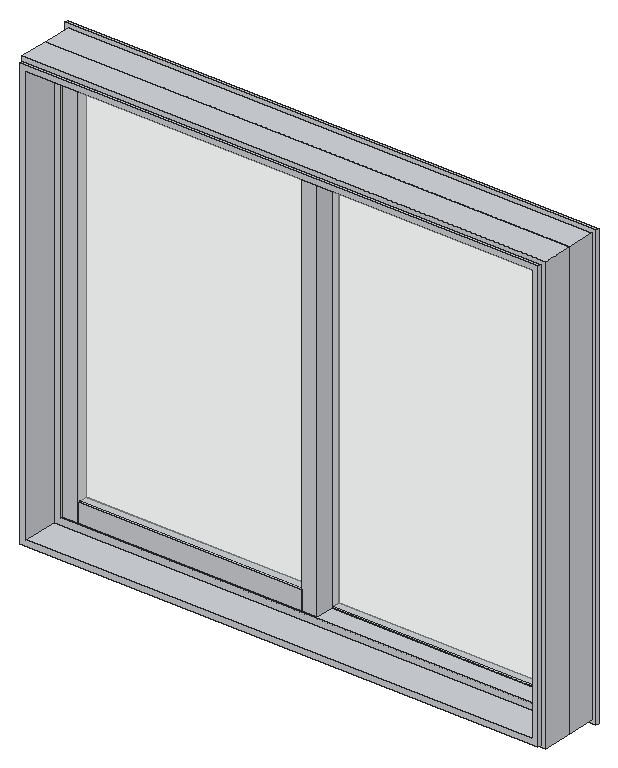
Revit family "APL Residential Thermal Heart Sliding Window SF", category Windows, host Wall, Revit 2017 (continued)
Definition of nested family "APL Residential Thermal Heart Sliding Window SF Horizontal Section"
  Definition of nested family "Interlocker"
    Definition of nested family "65420_Interlocker Mullion"
      Lines and regions (mm)
        model lines, in view "Ref. Level"
          curve 157: line (-28.1, 16.645, 0) -> (-28.1, 15.722, 0)
          curve 158: line (-27.939, 15.121, 0) -> (-27.054, 13.593, 0)
          curve 159: line (-27, 13.393, 0) -> (-27, 13.1, 0)
          curve 160: line (-27.4, 12.7, 0) -> (-30.8, 12.7, 0)
          curve 161: line (-31.2, 13.1, 0) -> (-31.2, 13.393, 0)
          curve 162: line (-31.146, 13.593, 0) -> (-30.261, 15.121, 0)
          curve 163: line (-30.297, 16.016, 0) -> (-32.737, 16.904, 0)
          curve 164: line (-33, 17.28, 0) -> (-33, 22.92, 0)
          curve 165: line (-32.737, 23.296, 0) -> (-30.297, 24.184, 0)
          curve 166: line (-30.261, 25.079, 0) -> (-31.146, 26.607, 0)
          curve 167: line (-31.2, 26.807, 0) -> (-31.2, 27.1, 0)
          curve 168: line (-30.8, 27.5, 0) -> (-27.4, 27.5, 0)
          curve 169: arc (-21.001, 10.8, 0) -> (-21.707, 10.507, 0) -> (-22, 9.8, 0) r 1
          curve 170: arc (-22, 3.501, 0) -> (-21.707, 2.793, 0) -> (-21, 2.5, 0) r 1
          curve 171: arc (-2.8, 2.5, 0) -> (-2.093, 2.793, 0) -> (-1.8, 3.5, 0) r 1
          curve 172: arc (-1.8, 9.8, 0) -> (-2.093, 10.507, 0) -> (-2.8, 10.8, 0) r 1
          curve 173: arc (-2.656, 30.548, 0) -> (-2.153, 30.553, 0) -> (-1.9, 30.119, 0) r 0.5
          curve 174: arc (-1.9, 13.7, 0) -> (-2.193, 12.993, 0) -> (-2.9, 12.7, 0) r 1
          curve 175: arc (-24.1, 12.7, 0) -> (-24.454, 12.846, 0) -> (-24.6, 13.2, 0) r 0.5
          curve 176: arc (-24.6, 14.698, 0) -> (-24.746, 15.053, 0) -> (-25.1, 15.2, 0) r 0.5
          curve 177: arc (-27.449, 15.2, 0) -> (-27.668, 15.073, 0) -> (-27.663, 14.82, 0) r 0.25
          curve 178: arc (-27.611, 14.734, 0) -> (-27.479, 14.628, 0) -> (-27.309, 14.631, 0) r 0.25
          curve 179: arc (-26.544, 13.377, 0) -> (-26.511, 13.302, 0) -> (-26.5, 13.221, 0) r 0.3
          curve 180: arc (-26.5, 12.7, 0) -> (-26.578, 12.542, 0) -> (-26.75, 12.506, 0) r 0.2
          curve 181: arc (-30.753, 12.7, 0) -> (-30.875, 12.674, 0) -> (-30.976, 12.6, 0) r 0.3
          curve 182: arc (-30.976, 12.6, 0) -> (-31.307, 12.52, 0) -> (-31.5, 12.8, 0) r 0.3
          curve 183: arc (-30.957, 15.021, 0) -> (-30.905, 15.11, 0) -> (-30.816, 15.162, 0) r 0.2
          curve 184: arc (-30.648, 15.207, 0) -> (-30.507, 15.348, 0) -> (-30.559, 15.541, 0) r 0.2
          curve 185: arc (-30.922, 15.905, 0) -> (-31.008, 15.965, 0) -> (-31.108, 15.992, 0) r 0.3
          curve 186: arc (-33.474, 16.199, 0) -> (-33.738, 16.083, 0) -> (-33.782, 15.797, 0) r 0.3
          curve 187: arc (-33.268, 14.387, 0) -> (-33.181, 14.261, 0) -> (-33.043, 14.195, 0) r 0.3
          curve 188: arc (-33.043, 14.195, 0) -> (-32.801, 13.922, 0) -> (-33, 13.617, 0) r 0.3
          curve 189: arc (-33, 9.5, 0) -> (-32.941, 9.359, 0) -> (-32.8, 9.3, 0) r 0.2
          curve 190: arc (-32.5, 9.3, 0) -> (-32.2, 9.38, 0) -> (-31.98, 9.6, 0) r 0.6
          curve 191: arc (-31.345, 10.7, 0) -> (-31.272, 10.773, 0) -> (-31.172, 10.8, 0) r 0.2
          curve 192: arc (-25, 10.8, 0) -> (-24.293, 10.507, 0) -> (-24, 9.8, 0) r 1
          curve 193: arc (-24, 2.463, 0) -> (-24.286, 1.763, 0) -> (-24.98, 1.463, 0) r 1
          curve 194: arc (-31.935, 1.322, 0) -> (-32.052, 1.357, 0) -> (-32.127, 1.453, 0) r 0.2
          curve 195: arc (-32.127, 1.453, 0) -> (-32.234, 1.621, 0) -> (-32.403, 1.725, 0) r 0.45
          curve 196: arc (-32.403, 1.725, 0) -> (-32.522, 1.729, 0) -> (-32.621, 1.665, 0) r 0.2
          curve 197: arc (-33, 0.2, 0) -> (-32.941, 0.059, 0) -> (-32.8, 0, 0) r 0.2
          curve 198: arc (-0.5, 0, 0) -> (-0.146, 0.146, 0) -> (0, 0.5, 0) r 0.5
          curve 199: arc (0, 70.3, 0) -> (-0.059, 70.441, 0) -> (-0.2, 70.5, 0) r 0.2
          curve 200: arc (-0.8, 70.5, 0) -> (-0.941, 70.441, 0) -> (-1, 70.3, 0) r 0.2
          curve 201: arc (-1, 69.7, 0) -> (-1.059, 69.559, 0) -> (-1.2, 69.5, 0) r 0.2
          curve 202: arc (-8.75, 69.5, 0) -> (-9.25, 69, 0) -> (-8.75, 68.5, 0) r 0.5
          curve 203: arc (-7.85, 68.5, 0) -> (-7.709, 68.441, 0) -> (-7.65, 68.3, 0) r 0.2
          curve 204: arc (-7.65, 67.2, 0) -> (-7.709, 67.059, 0) -> (-7.85, 67, 0) r 0.2
          curve 205: arc (-15.15, 67, 0) -> (-15.291, 67.059, 0) -> (-15.35, 67.2, 0) r 0.2
          curve 206: arc (-15.35, 68.3, 0) -> (-15.291, 68.441, 0) -> (-15.15, 68.5, 0) r 0.2
          curve 207: arc (-14.25, 68.5, 0) -> (-13.75, 69, 0) -> (-14.25, 69.5, 0) r 0.5
          curve 208: arc (-14.85, 69.5, 0) -> (-15.204, 69.646, 0) -> (-15.35, 70, 0) r 0.5
          curve 209: arc (-15.35, 70, 0) -> (-15.496, 70.354, 0) -> (-15.85, 70.5, 0) r 0.5
          curve 210: arc (-30.65, 70.5, 0) -> (-31.399, 69.779, 0) -> (-30.709, 69.002, 0) r 0.75
          curve 211: arc (-20.534, 68.077, 0) -> (-20.403, 68.013, 0) -> (-20.35, 67.877, 0) r 0.2
          curve 212: arc (-20.35, 67.25, 0) -> (-19.85, 66.75, 0) -> (-19.35, 67.25, 0) r 0.5
          curve 213: arc (-19.35, 67.8, 0) -> (-19.291, 67.941, 0) -> (-19.15, 68, 0) r 0.2
          curve 214: arc (-18.05, 68, 0) -> (-17.909, 67.941, 0) -> (-17.85, 67.8, 0) r 0.2
          curve 215: arc (-17.85, 62.7, 0) -> (-17.909, 62.559, 0) -> (-18.05, 62.5, 0) r 0.2
          curve 216: arc (-19.15, 62.5, 0) -> (-19.291, 62.559, 0) -> (-19.35, 62.7, 0) r 0.2
          curve 217: arc (-19.35, 63.25, 0) -> (-19.85, 63.75, 0) -> (-20.35, 63.25, 0) r 0.5
          curve 218: arc (-20.35, 62.65, 0) -> (-20.409, 62.509, 0) -> (-20.55, 62.45, 0) r 0.2
          curve 219: arc (-36.217, 62.45, 0) -> (-36.522, 62.251, 0) -> (-36.795, 62.493, 0) r 0.3
          curve 220: arc (-36.795, 62.493, 0) -> (-36.861, 62.631, 0) -> (-36.987, 62.718, 0) r 0.3
          curve 221: arc (-38.397, 63.232, 0) -> (-38.683, 63.188, 0) -> (-38.799, 62.924, 0) r 0.3
          curve 222: arc (-38.592, 60.558, 0) -> (-38.565, 60.458, 0) -> (-38.505, 60.372, 0) r 0.3
          curve 223: arc (-38.141, 60.009, 0) -> (-37.948, 59.957, 0) -> (-37.807, 60.098, 0) r 0.2
          curve 224: arc (-37.762, 60.266, 0) -> (-37.71, 60.355, 0) -> (-37.621, 60.407, 0) r 0.2
          curve 225: arc (-35.4, 60.95, 0) -> (-35.12, 60.757, 0) -> (-35.2, 60.426, 0) r 0.3
          curve 226: arc (-35.2, 60.426, 0) -> (-35.274, 60.325, 0) -> (-35.3, 60.203, 0) r 0.3
          curve 227: arc (-35.106, 56.2, 0) -> (-35.142, 56.028, 0) -> (-35.3, 55.95, 0) r 0.2
          curve 228: arc (-35.821, 55.95, 0) -> (-35.902, 55.961, 0) -> (-35.977, 55.994, 0) r 0.3
          curve 229: arc (-37.231, 56.759, 0) -> (-37.228, 56.929, 0) -> (-37.334, 57.061, 0) r 0.25
          curve 230: arc (-37.42, 57.113, 0) -> (-37.672, 57.118, 0) -> (-37.8, 56.9, 0) r 0.25
          curve 231: arc (-37.8, 54.875, 0) -> (-37.774, 54.778, 0) -> (-37.704, 54.705, 0) r 0.2
          curve 232: arc (-36.751, 54.123, 0) -> (-36.626, 54.069, 0) -> (-36.491, 54.05, 0) r 0.5
          curve 233: arc (-33.9, 54.05, 0) -> (-33.546, 54.196, 0) -> (-33.4, 54.55, 0) r 0.5
          curve 234: arc (-33.4, 59.15, 0) -> (-33.254, 59.504, 0) -> (-32.9, 59.65, 0) r 0.5
          curve 235: arc (-17.952, 59.65, 0) -> (-16.112, 60.411, 0) -> (-15.35, 62.25, 0) r 2.6
          curve 236: arc (-15.35, 64, 0) -> (-15.291, 64.141, 0) -> (-15.15, 64.2, 0) r 0.2
          curve 237: arc (-7.85, 64.2, 0) -> (-6.162, 64.792, 0) -> (-5.215, 66.309, 0) r 2.7
          curve 238: arc (-5.215, 66.309, 0) -> (-5.04, 66.59, 0) -> (-4.727, 66.7, 0) r 0.5
          curve 239: arc (-2.4, 66.7, 0) -> (-2.046, 66.554, 0) -> (-1.9, 66.2, 0) r 0.5
          curve 240: line (-22, 9.8, 0) -> (-22, 3.501, 0)
          curve 241: line (-21, 2.5, 0) -> (-2.8, 2.5, 0)
          curve 242: line (-1.8, 3.5, 0) -> (-1.8, 9.8, 0)
          curve 243: line (-2.8, 10.8, 0) -> (-21.001, 10.8, 0)
          curve 244: line (-1.9, 30.119, 0) -> (-1.9, 13.7, 0)
          curve 245: line (-2.9, 12.7, 0) -> (-24.1, 12.7, 0)
          curve 246: line (-24.6, 13.2, 0) -> (-24.6, 14.698, 0)
          curve 247: line (-25.1, 15.2, 0) -> (-27.449, 15.2, 0)
          curve 248: line (-27.309, 14.631, 0) -> (-26.544, 13.377, 0)
          curve 249: line (-26.544, 13.377, 0) -> (-26.5, 12.7, 0)
          curve 250: line (-26.75, 12.506, 0) -> (-27.475, 12.694, 0)
          curve 251: line (-27.475, 12.694, 0) -> (-30.753, 12.7, 0)
          curve 252: line (-31.5, 12.954, 0) -> (-30.957, 15.021, 0)
          curve 253: line (-30.957, 15.021, 0) -> (-30.648, 15.207, 0)
          curve 254: line (-30.559, 15.541, 0) -> (-30.922, 15.905, 0)
          curve 255: line (-31.108, 15.992, 0) -> (-33.474, 16.199, 0)
          curve 256: line (-33.782, 15.797, 0) -> (-33.268, 14.387, 0)
          curve 257: line (-33, 13.617, 0) -> (-33, 9.5, 0)
          curve 258: line (-32.8, 9.3, 0) -> (-32.5, 9.3, 0)
          curve 259: line (-31.98, 9.6, 0) -> (-31.345, 10.7, 0)
          curve 260: line (-31.172, 10.8, 0) -> (-25, 10.8, 0)
          curve 261: line (-24, 9.8, 0) -> (-24, 2.463, 0)
          curve 262: line (-24.98, 1.463, 0) -> (-31.935, 1.322, 0)
          curve 263: line (-32.621, 1.665, 0) -> (-32.953, 1.269, 0)
          curve 264: line (-32.953, 1.269, 0) -> (-33, 0.2, 0)
          curve 265: line (-32.8, 0, 0) -> (-0.5, 0, 0)
          curve 266: line (0, 0.5, 0) -> (0, 70.3, 0)
          curve 267: line (-0.2, 70.5, 0) -> (-0.8, 70.5, 0)
          curve 268: line (-1, 70.3, 0) -> (-1, 69.7, 0)
          curve 269: line (-1.2, 69.5, 0) -> (-8.75, 69.5, 0)
          curve 270: line (-8.75, 68.5, 0) -> (-7.85, 68.5, 0)
          curve 271: line (-7.65, 68.3, 0) -> (-7.65, 67.2, 0)
          curve 272: line (-7.85, 67, 0) -> (-15.15, 67, 0)
          curve 273: line (-15.35, 67.2, 0) -> (-15.35, 68.3, 0)
          curve 274: line (-15.15, 68.5, 0) -> (-14.25, 68.5, 0)
          curve 275: line (-14.25, 69.5, 0) -> (-14.85, 69.5, 0)
          curve 276: line (-15.85, 70.5, 0) -> (-30.65, 70.5, 0)
          curve 277: line (-30.709, 69.002, 0) -> (-20.534, 68.077, 0)
          curve 278: line (-20.35, 67.877, 0) -> (-20.35, 67.25, 0)
          curve 279: line (-19.35, 67.25, 0) -> (-19.35, 67.8, 0)
          curve 280: line (-19.15, 68, 0) -> (-18.05, 68, 0)
          curve 281: line (-17.85, 67.8, 0) -> (-17.85, 62.7, 0)
          curve 282: line (-18.05, 62.5, 0) -> (-19.15, 62.5, 0)
          curve 283: line (-19.35, 62.7, 0) -> (-19.35, 63.25, 0)
          curve 284: line (-20.35, 63.25, 0) -> (-20.35, 62.65, 0)
          curve 285: line (-20.55, 62.45, 0) -> (-36.217, 62.45, 0)
          curve 286: line (-36.987, 62.718, 0) -> (-38.397, 63.232, 0)
          curve 287: line (-38.799, 62.924, 0) -> (-38.592, 60.558, 0)
          curve 288: line (-38.505, 60.372, 0) -> (-38.141, 60.009, 0)
          curve 289: line (-37.807, 60.098, 0) -> (-37.762, 60.266, 0)
          curve 290: line (-37.762, 60.266, 0) -> (-35.632, 60.94, 0)
          curve 291: line (-35.632, 60.94, 0) -> (-35.4, 60.95, 0)
          curve 292: line (-35.3, 60.203, 0) -> (-35.3, 56.975, 0)
          curve 293: line (-35.3, 56.975, 0) -> (-35.106, 56.2, 0)
          curve 294: line (-35.3, 55.95, 0) -> (-35.821, 55.95, 0)
          curve 295: line (-35.821, 55.95, 0) -> (-37.231, 56.759, 0)
          curve 296: line (-37.8, 56.9, 0) -> (-37.8, 54.875, 0)
          curve 297: line (-37.704, 54.705, 0) -> (-36.751, 54.123, 0)
          curve 298: line (-36.491, 54.05, 0) -> (-33.9, 54.05, 0)
          curve 299: line (-33.4, 54.55, 0) -> (-33.4, 59.15, 0)
          curve 300: line (-32.9, 59.65, 0) -> (-17.952, 59.65, 0)
          curve 301: line (-15.35, 62.25, 0) -> (-15.35, 64, 0)
          curve 302: line (-15.15, 64.2, 0) -> (-7.85, 64.2, 0)
          curve 303: line (-4.727, 66.7, 0) -> (-2.4, 66.7, 0)
          curve 304: line (-1.9, 66.2, 0) -> (-1.9, 37.681, 0)
          curve 305: arc (-1.9, 37.681, 0) -> (-2.153, 37.247, 0) -> (-2.656, 37.252, 0) r 0.5
          curve 306: arc (-2.656, 37.252, 0) -> (-5.107, 37.773, 0) -> (-7.37, 36.695, 0) r 3.9
          curve 307: arc (-7.37, 36.695, 0) -> (-7.387, 35.422, 0) -> (-6.115, 35.405, 0) r 0.9
          curve 308: arc (-6.115, 35.405, 0) -> (-4.65, 36, 0) -> (-3.185, 35.405, 0) r 2.1
          curve 309: arc (-3.185, 35.405, 0) -> (-3.023, 35.28, 0) -> (-2.836, 35.194, 0) r 0.9
          curve 310: arc (-2.836, 35.194, 0) -> (-2.664, 35.097, 0) -> (-2.543, 34.94, 0) r 0.5
          curve 311: arc (-2.543, 34.94, 0) -> (-2.3, 33.9, 0) -> (-2.543, 32.86, 0) r 2.35
          curve 312: arc (-2.543, 32.86, 0) -> (-2.664, 32.703, 0) -> (-2.836, 32.606, 0) r 0.5
          curve 313: arc (-2.836, 32.606, 0) -> (-3.023, 32.52, 0) -> (-3.185, 32.395, 0) r 0.9
          curve 314: arc (-3.185, 32.395, 0) -> (-4.65, 31.8, 0) -> (-6.115, 32.395, 0) r 2.1
          curve 315: arc (-6.115, 32.395, 0) -> (-7.387, 32.378, 0) -> (-7.37, 31.105, 0) r 0.9
          curve 316: arc (-7.37, 31.105, 0) -> (-5.107, 30.027, 0) -> (-2.656, 30.548, 0) r 3.9
      Text (mm)
        text "65420" at (-82.532, 21.092, 0), in view "Ref. Level"
  Definition of nested family "Jamb Fixed"
    Reference planes
      plane 1 "Center (Front/Back)": y = 0
      plane 2: z = 0
      plane 3 "Center (Left/Right)": x = 0
    Lines and regions (mm)
      detail lines, in view "Ref. Level"
        curve 1: arc (34.145, 40.782, 0) -> (34.004, 40.472, 0) -> (34.304, 40.309, 0) r 0.25
        curve 2: arc (44.192, 40.336, 0) -> (44.491, 40.498, 0) -> (44.351, 40.808, 0) r 0.25
        curve 3: line (34.304, 40.309, 0) -> (38.171, 41.303, 0)
        curve 4: line (38.171, 41.303, 0) -> (38.75, 40.3, 0)
        curve 5: line (38.75, 40.3, 0) -> (39.75, 40.3, 0)
        curve 6: line (39.75, 40.3, 0) -> (40.342, 41.325, 0)
        curve 7: line (40.342, 41.325, 0) -> (44.192, 40.336, 0)
        curve 8: line (44.351, 40.808, 0) -> (40.25, 42.532, 0)
        curve 9: line (40.25, 42.532, 0) -> (40.25, 43.8, 0)
        curve 10: line (40.25, 43.8, 0) -> (41.5, 43.8, 0)
        curve 11: line (41.5, 43.8, 0) -> (41.5, 44.8, 0)
        curve 12: line (41.5, 44.8, 0) -> (37, 44.8, 0)
        curve 13: line (37, 44.8, 0) -> (37, 43.8, 0)
        curve 14: line (37, 43.8, 0) -> (38.25, 43.8, 0)
        curve 15: line (38.25, 43.8, 0) -> (38.25, 42.508, 0)
        curve 16: line (38.25, 42.508, 0) -> (34.145, 40.782, 0)
      detail lines, in view "Ref. Level", not visible
        curve 17: arc (33.161, -9.933, 0) -> (32.851, -9.793, 0) -> (32.689, -10.092, 0) r 0.25
        curve 18: arc (32.715, -19.98, 0) -> (32.877, -20.279, 0) -> (33.188, -20.139, 0) r 0.25
        curve 19: line (32.689, -10.092, 0) -> (33.683, -13.959, 0)
        curve 20: line (33.683, -13.959, 0) -> (32.679, -14.539, 0)
        curve 21: line (32.679, -14.539, 0) -> (32.679, -15.539, 0)
        curve 22: line (32.679, -15.539, 0) -> (33.705, -16.131, 0)
        curve 23: line (33.705, -16.131, 0) -> (32.715, -19.98, 0)
        curve 24: line (33.188, -20.139, 0) -> (34.912, -16.039, 0)
        curve 25: line (34.912, -16.039, 0) -> (36.179, -16.039, 0)
        curve 26: line (36.179, -16.039, 0) -> (36.179, -17.289, 0)
        curve 27: line (36.179, -17.289, 0) -> (37.179, -17.289, 0)
        curve 28: line (37.179, -17.289, 0) -> (37.179, -12.789, 0)
        curve 29: line (37.179, -12.789, 0) -> (36.179, -12.789, 0)
        curve 30: line (36.179, -12.789, 0) -> (36.179, -14.039, 0)
        curve 31: line (36.179, -14.039, 0) -> (34.887, -14.039, 0)
        curve 32: line (34.887, -14.039, 0) -> (33.161, -9.933, 0)
    Nested families
      nested 1: "65400_Jamb Fixed" at (43, 0, 0) x (0, 1, 0) z (0, 0, 1), type "65400_Jamb Fixed", in view "Ref. Level"
      nested 2: "65585_Infill" at (43, 110.375, 0) x (0, -1, 0) z (0, 0, 1), type "65585_Infill", in view "Ref. Level"
    Definition of nested family "65400_Jamb Fixed"
      Reference planes
        plane 1 "Center (Front/Back)": y = 0
        plane 2: z = 0
        plane 3 "Center (Left/Right)": x = 0
      Lines and regions (mm)
        detail lines, in view "Ref. Level"
          curve 1: arc (46.1, 18.8, 0) -> (45.602, 20.002, 0) -> (44.4, 20.5, 0) r 1.7
          curve 2: arc (29.9, 20.5, 0) -> (29.546, 20.646, 0) -> (29.4, 21, 0) r 0.5
          curve 3: arc (29.4, 34.099, 0) -> (29.546, 34.453, 0) -> (29.9, 34.6, 0) r 0.5
          curve 4: arc (36.605, 34.6, 0) -> (37.013, 34.521, 0) -> (37.363, 34.296, 0) r 1.1
          curve 5: arc (37.363, 34.296, 0) -> (38.199, 33.684, 0) -> (39.189, 33.379, 0) r 3.126
          curve 6: arc (62.286, 32.2, 0) -> (62.738, 31.881, 0) -> (63.285, 31.958, 0) r 0.75
          curve 7: arc (63.285, 31.958, 0) -> (64.2, 32.2, 0) -> (65.115, 31.958, 0) r 1.85
          curve 8: arc (65.115, 31.958, 0) -> (65.281, 31.888, 0) -> (65.459, 31.86, 0) r 0.75
          curve 9: arc (65.459, 31.86, 0) -> (65.663, 31.808, 0) -> (65.828, 31.676, 0) r 0.5
          curve 10: arc (65.828, 31.676, 0) -> (66.3, 30.35, 0) -> (65.828, 29.024, 0) r 2.1
          curve 11: arc (65.828, 29.024, 0) -> (65.663, 28.892, 0) -> (65.459, 28.84, 0) r 0.5
          curve 12: arc (65.459, 28.84, 0) -> (65.281, 28.812, 0) -> (65.115, 28.742, 0) r 0.75
          curve 13: arc (65.115, 28.742, 0) -> (63.721, 28.563, 0) -> (62.604, 29.415, 0) r 1.85
          curve 14: arc (62.604, 29.415, 0) -> (61.577, 29.683, 0) -> (61.309, 28.657, 0) r 0.75
          curve 15: arc (61.309, 28.657, 0) -> (62.349, 27.558, 0) -> (63.765, 27.028, 0) r 3.35
          curve 16: arc (63.765, 27.028, 0) -> (64.076, 26.862, 0) -> (64.2, 26.533, 0) r 0.5
          curve 17: arc (64.2, 17.483, 0) -> (64.489, 15.565, 0) -> (65.33, 13.818, 0) r 6.5
          curve 18: arc (65.33, 13.818, 0) -> (65.978, 12.474, 0) -> (66.2, 11, 0) r 5
          curve 19: arc (66.2, 1.9, 0) -> (66.054, 1.546, 0) -> (65.7, 1.4, 0) r 0.5
          curve 20: arc (47, 1.4, 0) -> (46.646, 1.546, 0) -> (46.5, 1.9, 0) r 0.5
          curve 21: arc (46.5, 6.5, 0) -> (46.396, 7.048, 0) -> (46.1, 7.52, 0) r 1.5
          curve 22: arc (24.183, 34.774, 0) -> (24.053, 34.838, 0) -> (24, 34.973, 0) r 0.2
          curve 23: arc (24.399, 37.321, 0) -> (24.668, 37.608, 0) -> (25.06, 37.613, 0) r 0.5
          curve 24: arc (25.06, 37.613, 0) -> (25.236, 37.7, 0) -> (25.42, 37.633, 0) r 0.25
          curve 25: arc (25.42, 37.633, 0) -> (25.563, 37.502, 0) -> (25.569, 37.309, 0) r 0.25
          curve 26: arc (26.823, 36.544, 0) -> (26.898, 36.511, 0) -> (26.979, 36.5, 0) r 0.3
          curve 27: arc (27.5, 36.5, 0) -> (27.658, 36.578, 0) -> (27.694, 36.75, 0) r 0.2
          curve 28: arc (27.5, 40.753, 0) -> (27.526, 40.875, 0) -> (27.6, 40.976, 0) r 0.3
          curve 29: arc (27.6, 40.976, 0) -> (27.664, 41.343, 0) -> (27.322, 41.49, 0) r 0.3
          curve 30: arc (25.179, 40.957, 0) -> (25.09, 40.905, 0) -> (25.038, 40.816, 0) r 0.2
          curve 31: arc (24.993, 40.648, 0) -> (24.852, 40.507, 0) -> (24.659, 40.559, 0) r 0.2
          curve 32: arc (24.295, 40.922, 0) -> (24.235, 41.008, 0) -> (24.208, 41.108, 0) r 0.3
          curve 33: arc (24.001, 43.474, 0) -> (24.117, 43.738, 0) -> (24.403, 43.782, 0) r 0.3
          curve 34: arc (25.813, 43.268, 0) -> (25.939, 43.181, 0) -> (26.005, 43.043, 0) r 0.3
          curve 35: arc (26.005, 43.043, 0) -> (26.278, 42.801, 0) -> (26.583, 43, 0) r 0.3
          curve 36: arc (28.9, 43, 0) -> (29.254, 42.854, 0) -> (29.4, 42.5, 0) r 0.5
          curve 37: arc (29.4, 36.9, 0) -> (29.546, 36.546, 0) -> (29.9, 36.4, 0) r 0.499
          curve 38: arc (37.767, 36.4, 0) -> (38.931, 36.165, 0) -> (39.913, 35.497, 0) r 2.996
          curve 39: arc (39.913, 35.497, 0) -> (40.232, 35.27, 0) -> (40.611, 35.169, 0) r 1.1
          curve 40: arc (68.1, 34.1, 0) -> (68.241, 34.159, 0) -> (68.3, 34.3, 0) r 0.2
          curve 41: arc (68.3, 42.5, 0) -> (68.446, 42.854, 0) -> (68.8, 43, 0) r 0.5
          curve 42: arc (71.117, 43, 0) -> (71.422, 42.801, 0) -> (71.695, 43.043, 0) r 0.3
          curve 43: arc (71.695, 43.043, 0) -> (71.761, 43.181, 0) -> (71.887, 43.268, 0) r 0.3
          curve 44: arc (73.297, 43.782, 0) -> (73.583, 43.738, 0) -> (73.699, 43.474, 0) r 0.3
          curve 45: arc (73.492, 41.108, 0) -> (73.465, 41.008, 0) -> (73.405, 40.922, 0) r 0.3
          curve 46: arc (73.041, 40.559, 0) -> (72.848, 40.507, 0) -> (72.707, 40.648, 0) r 0.2
          curve 47: arc (72.662, 40.816, 0) -> (72.61, 40.905, 0) -> (72.521, 40.957, 0) r 0.2
          curve 48: arc (70.378, 41.49, 0) -> (70.036, 41.343, 0) -> (70.1, 40.976, 0) r 0.3
          curve 49: arc (70.1, 40.976, 0) -> (70.174, 40.875, 0) -> (70.2, 40.753, 0) r 0.3
          curve 50: arc (70.006, 36.75, 0) -> (70.042, 36.578, 0) -> (70.2, 36.5, 0) r 0.2
          curve 51: arc (70.721, 36.5, 0) -> (70.802, 36.511, 0) -> (70.877, 36.544, 0) r 0.3
          curve 52: arc (72.131, 37.309, 0) -> (72.137, 37.502, 0) -> (72.28, 37.633, 0) r 0.25
          curve 53: arc (72.28, 37.633, 0) -> (72.55, 37.679, 0) -> (72.7, 37.45, 0) r 0.25
          curve 54: arc (72.7, 35.876, 0) -> (72.618, 35.478, 0) -> (72.385, 35.146, 0) r 1
          curve 55: arc (72.385, 35.146, 0) -> (72.322, 35, 0) -> (72.385, 34.854, 0) r 0.2
          curve 56: arc (72.385, 34.854, 0) -> (72.618, 34.523, 0) -> (72.7, 34.126, 0) r 1
          curve 57: arc (72.7, 32.551, 0) -> (72.573, 32.332, 0) -> (72.32, 32.337, 0) r 0.25
          curve 58: arc (72.234, 32.389, 0) -> (72.128, 32.521, 0) -> (72.131, 32.691, 0) r 0.25
          curve 59: arc (70.877, 33.456, 0) -> (70.802, 33.489, 0) -> (70.721, 33.5, 0) r 0.3
          curve 60: arc (70.2, 33.5, 0) -> (70.042, 33.422, 0) -> (70.006, 33.25, 0) r 0.2
          curve 61: arc (70.2, 29.247, 0) -> (70.174, 29.124, 0) -> (70.1, 29.024, 0) r 0.3
          curve 62: arc (70.1, 29.024, 0) -> (70.02, 28.693, 0) -> (70.3, 28.5, 0) r 0.3
          curve 63: arc (72.521, 29.043, 0) -> (72.61, 29.095, 0) -> (72.662, 29.184, 0) r 0.2
          curve 64: arc (72.707, 29.352, 0) -> (72.848, 29.493, 0) -> (73.041, 29.441, 0) r 0.2
          curve 65: arc (73.405, 29.078, 0) -> (73.465, 28.992, 0) -> (73.492, 28.892, 0) r 0.3
          curve 66: arc (73.699, 26.526, 0) -> (73.583, 26.262, 0) -> (73.297, 26.218, 0) r 0.3
          curve 67: arc (71.887, 26.732, 0) -> (71.761, 26.819, 0) -> (71.695, 26.957, 0) r 0.3
          curve 68: arc (71.695, 26.957, 0) -> (71.422, 27.199, 0) -> (71.117, 27, 0) r 0.3
          curve 69: arc (66.201, 27, 0) -> (65.847, 26.854, 0) -> (65.7, 26.5, 0) r 0.5
          curve 70: arc (65.7, 17.481, 0) -> (65.922, 16.006, 0) -> (66.57, 14.663, 0) r 5
          curve 71: arc (66.57, 14.663, 0) -> (67.411, 12.917, 0) -> (67.7, 11, 0) r 6.5
          curve 72: arc (67.7, 9.9, 0) -> (67.759, 9.759, 0) -> (67.9, 9.7, 0) r 0.2
          curve 73: arc (69.3, 9.7, 0) -> (69.441, 9.759, 0) -> (69.5, 9.9, 0) r 0.2
          curve 74: arc (69.5, 10.2, 0) -> (70, 10.701, 0) -> (70.5, 10.2, 0) r 0.5
          curve 75: arc (70.5, 7.649, 0) -> (69.999, 7.15, 0) -> (69.5, 7.65, 0) r 0.5
          curve 76: arc (69.5, 8.5, 0) -> (69.441, 8.641, 0) -> (69.3, 8.7, 0) r 0.2
          curve 77: arc (67.9, 8.7, 0) -> (67.759, 8.641, 0) -> (67.7, 8.5, 0) r 0.2
          curve 78: arc (67.7, 1.2, 0) -> (67.759, 1.059, 0) -> (67.9, 1, 0) r 0.2
          curve 79: arc (69.3, 1, 0) -> (69.441, 1.059, 0) -> (69.5, 1.2, 0) r 0.2
          curve 80: arc (69.5, 2.05, 0) -> (70, 2.551, 0) -> (70.5, 2.05, 0) r 0.5
          curve 81: arc (70.5, 0.501, 0) -> (70.354, 0.147, 0) -> (70, 0, 0) r 0.5
          curve 82: arc (42.7, 0, 0) -> (42.559, 0.059, 0) -> (42.5, 0.2, 0) r 0.2
          curve 83: arc (42.5, 1.75, 0) -> (43, 2.251, 0) -> (43.5, 1.75, 0) r 0.5
          curve 84: arc (43.5, 1.2, 0) -> (43.559, 1.059, 0) -> (43.7, 1, 0) r 0.2
          curve 85: arc (44.8, 1, 0) -> (44.941, 1.059, 0) -> (45, 1.2, 0) r 0.2
          curve 86: arc (45, 6.3, 0) -> (44.941, 6.441, 0) -> (44.8, 6.5, 0) r 0.2
          curve 87: arc (43.7, 6.5, 0) -> (43.559, 6.441, 0) -> (43.5, 6.3, 0) r 0.2
          curve 88: arc (43.5, 5.75, 0) -> (43, 5.251, 0) -> (42.5, 5.75, 0) r 0.5
          curve 89: arc (42.5, 6.5, 0) -> (42.793, 7.207, 0) -> (43.5, 7.5, 0) r 1
          curve 90: arc (44.395, 7.5, 0) -> (44.539, 7.557, 0) -> (44.6, 7.7, 0) r 0.202
          curve 91: arc (44.6, 18.8, 0) -> (44.538, 18.942, 0) -> (44.395, 19, 0) r 0.205
          curve 92: arc (26.583, 19, 0) -> (26.278, 19.199, 0) -> (26.005, 18.957, 0) r 0.3
          curve 93: arc (26.005, 18.957, 0) -> (25.939, 18.819, 0) -> (25.813, 18.732, 0) r 0.3
          curve 94: arc (24.403, 18.218, 0) -> (24.117, 18.262, 0) -> (24.001, 18.526, 0) r 0.3
          curve 95: arc (24.208, 20.892, 0) -> (24.235, 20.992, 0) -> (24.295, 21.078, 0) r 0.3
          curve 96: arc (24.659, 21.441, 0) -> (24.852, 21.493, 0) -> (24.993, 21.352, 0) r 0.2
          curve 97: arc (25.038, 21.184, 0) -> (25.09, 21.095, 0) -> (25.179, 21.043, 0) r 0.2
          curve 98: arc (27.322, 20.51, 0) -> (27.664, 20.657, 0) -> (27.6, 21.024, 0) r 0.3
          curve 99: arc (27.6, 21.024, 0) -> (27.526, 21.125, 0) -> (27.5, 21.247, 0) r 0.3
          curve 100: arc (27.694, 25.25, 0) -> (27.658, 25.422, 0) -> (27.5, 25.5, 0) r 0.2
          curve 101: arc (26.979, 25.5, 0) -> (26.898, 25.489, 0) -> (26.823, 25.456, 0) r 0.3
          curve 102: arc (25.569, 24.691, 0) -> (25.563, 24.498, 0) -> (25.42, 24.367, 0) r 0.25
          curve 103: arc (25.42, 24.367, 0) -> (25.15, 24.321, 0) -> (25, 24.55, 0) r 0.25
          curve 104: arc (25, 26.126, 0) -> (25.128, 26.615, 0) -> (25.479, 26.979, 0) r 1
          curve 105: line (46.1, 7.52, 0) -> (46.1, 18.8, 0)
          curve 106: line (44.4, 20.5, 0) -> (29.9, 20.5, 0)
          curve 107: line (29.4, 21, 0) -> (29.4, 34.099, 0)
          curve 108: line (29.9, 34.6, 0) -> (36.605, 34.6, 0)
          curve 109: line (39.189, 33.379, 0) -> (53.629, 32.2, 0)
          curve 110: line (53.629, 32.2, 0) -> (62.286, 32.2, 0)
          curve 111: line (64.2, 26.533, 0) -> (64.2, 17.483, 0)
          curve 112: line (66.2, 11, 0) -> (66.2, 1.9, 0)
          curve 113: line (65.7, 1.4, 0) -> (47, 1.4, 0)
          curve 114: line (46.5, 1.9, 0) -> (46.5, 6.5, 0)
          curve 115: line (27.317, 34.499, 0) -> (24.183, 34.774, 0)
          curve 116: line (24, 34.973, 0) -> (24, 36.224, 0)
          curve 117: line (24, 36.224, 0) -> (24.399, 37.321, 0)
          curve 118: line (25.569, 37.309, 0) -> (26.823, 36.544, 0)
          curve 119: line (26.979, 36.5, 0) -> (27.5, 36.5, 0)
          curve 120: line (27.694, 36.75, 0) -> (27.5, 37.5, 0)
          curve 121: line (27.5, 37.525, 0) -> (27.5, 40.753, 0)
          curve 122: line (27.312, 41.528, 0) -> (25.179, 40.957, 0)
          curve 123: line (25.038, 40.816, 0) -> (24.993, 40.648, 0)
          curve 124: line (24.659, 40.559, 0) -> (24.295, 40.922, 0)
          curve 125: line (24.208, 41.108, 0) -> (24.001, 43.474, 0)
          curve 126: line (24.403, 43.782, 0) -> (25.813, 43.268, 0)
          curve 127: line (26.583, 43, 0) -> (28.9, 43, 0)
          curve 128: line (29.4, 42.5, 0) -> (29.4, 36.9, 0)
          curve 129: line (29.9, 36.4, 0) -> (33.5, 36.4, 0)
          curve 130: line (33.5, 36.4, 0) -> (33.9, 36, 0)
          curve 131: line (33.9, 36, 0) -> (34.3, 36.4, 0)
          curve 132: line (34.3, 36.4, 0) -> (37.767, 36.4, 0)
          curve 133: line (40.611, 35.169, 0) -> (53.707, 34.1, 0)
          curve 134: line (53.707, 34.1, 0) -> (58.307, 34.1, 0)
          curve 135: line (58.307, 34.1, 0) -> (58.707, 33.7, 0)
          curve 136: line (58.707, 33.7, 0) -> (59.107, 34.1, 0)
          curve 137: line (59.107, 34.1, 0) -> (68.1, 34.1, 0)
          curve 138: line (68.3, 34.3, 0) -> (68.3, 42.5, 0)
          curve 139: line (68.8, 43, 0) -> (71.117, 43, 0)
          curve 140: line (71.887, 43.268, 0) -> (73.297, 43.782, 0)
          curve 141: line (73.699, 43.474, 0) -> (73.492, 41.108, 0)
          curve 142: line (73.405, 40.922, 0) -> (73.041, 40.559, 0)
          curve 143: line (72.707, 40.648, 0) -> (72.662, 40.816, 0)
          curve 144: line (72.521, 40.957, 0) -> (70.388, 41.528, 0)
          curve 145: line (70.2, 40.753, 0) -> (70.2, 37.525, 0)
          curve 146: line (70.2, 37.5, 0) -> (70.006, 36.75, 0)
          curve 147: line (70.2, 36.5, 0) -> (70.721, 36.5, 0)
          curve 148: line (70.877, 36.544, 0) -> (72.131, 37.309, 0)
          curve 149: line (72.7, 37.45, 0) -> (72.7, 35.876, 0)
          curve 150: line (72.7, 34.126, 0) -> (72.7, 32.551, 0)
          curve 151: line (72.131, 32.691, 0) -> (70.877, 33.456, 0)
          curve 152: line (70.721, 33.5, 0) -> (70.2, 33.5, 0)
          curve 153: line (70.006, 33.25, 0) -> (70.2, 32.5, 0)
          curve 154: line (70.2, 32.475, 0) -> (70.2, 29.247, 0)
          curve 155: line (70.532, 28.51, 0) -> (72.521, 29.043, 0)
          curve 156: line (72.662, 29.184, 0) -> (72.707, 29.352, 0)
          curve 157: line (73.041, 29.441, 0) -> (73.405, 29.078, 0)
          curve 158: line (73.492, 28.892, 0) -> (73.699, 26.526, 0)
          curve 159: line (73.297, 26.218, 0) -> (71.887, 26.732, 0)
          curve 160: line (71.117, 27, 0) -> (66.201, 27, 0)
          curve 161: line (65.7, 26.5, 0) -> (65.7, 17.481, 0)
          curve 162: line (67.7, 11, 0) -> (67.7, 9.9, 0)
          curve 163: line (67.9, 9.7, 0) -> (69.3, 9.7, 0)
          curve 164: line (69.5, 9.9, 0) -> (69.5, 10.2, 0)
          curve 165: line (70.5, 10.2, 0) -> (70.5, 7.649, 0)
          curve 166: line (69.5, 7.65, 0) -> (69.5, 8.5, 0)
          curve 167: line (69.3, 8.7, 0) -> (67.9, 8.7, 0)
          curve 168: line (67.7, 8.5, 0) -> (67.7, 1.2, 0)
          curve 169: line (67.9, 1, 0) -> (69.3, 1, 0)
          curve 170: line (69.5, 1.2, 0) -> (69.5, 2.05, 0)
          curve 171: line (70.5, 2.05, 0) -> (70.5, 0.501, 0)
          curve 172: line (70, 0, 0) -> (42.7, 0, 0)
          curve 173: line (42.5, 0.2, 0) -> (42.5, 1.75, 0)
          curve 174: line (43.5, 1.75, 0) -> (43.5, 1.2, 0)
          curve 175: line (43.7, 1, 0) -> (44.8, 1, 0)
          curve 176: line (45, 1.2, 0) -> (45, 6.3, 0)
          curve 177: line (44.8, 6.5, 0) -> (43.7, 6.5, 0)
          curve 178: line (43.5, 6.3, 0) -> (43.5, 5.75, 0)
          curve 179: line (42.5, 5.75, 0) -> (42.5, 6.5, 0)
          curve 180: line (43.5, 7.5, 0) -> (44.395, 7.5, 0)
          curve 181: line (44.6, 7.7, 0) -> (44.6, 18.8, 0)
          curve 182: line (44.395, 19, 0) -> (34.3, 19, 0)
          curve 183: line (34.3, 19, 0) -> (33.9, 19.4, 0)
          curve 184: line (33.9, 19.4, 0) -> (33.5, 19, 0)
          curve 185: line (33.5, 19, 0) -> (26.583, 19, 0)
          curve 186: line (25.813, 18.732, 0) -> (24.403, 18.218, 0)
          curve 187: line (24.001, 18.526, 0) -> (24.208, 20.892, 0)
          curve 188: line (24.295, 21.078, 0) -> (24.659, 21.441, 0)
          curve 189: line (24.993, 21.352, 0) -> (25.038, 21.184, 0)
          curve 190: line (25.179, 21.043, 0) -> (27.312, 20.472, 0)
          curve 191: line (27.5, 21.247, 0) -> (27.5, 24.475, 0)
          curve 192: line (27.5, 24.5, 0) -> (27.694, 25.25, 0)
          curve 193: line (27.5, 25.5, 0) -> (26.979, 25.5, 0)
          curve 194: line (26.823, 25.456, 0) -> (25.569, 24.691, 0)
          curve 195: line (25, 24.55, 0) -> (25, 26.126, 0)
          curve 196: line (25.479, 26.979, 0) -> (26.284, 27.471, 0)
          curve 197: line (26.389, 27.5, 0) -> (27.5, 27.5, 0)
          curve 198: line (27.5, 27.5, 0) -> (27.5, 34.3, 0)
          curve 199: arc (27.5, 34.3, 0) -> (27.447, 34.435, 0) -> (27.317, 34.499, 0) r 0.2
          curve 200: arc (70.2, 32.6, 0) -> (70.317, 32.883, 0) -> (70.6, 33, 0) r 0.4
          curve 201: arc (70.893, 33, 0) -> (70.996, 32.986, 0) -> (71.093, 32.946, 0) r 0.4
          curve 202: arc (72.621, 32.061, 0) -> (72.911, 31.941, 0) -> (73.222, 31.9, 0) r 1.2
          curve 203: arc (74.145, 31.9, 0) -> (74.718, 31.719, 0) -> (75.084, 31.242, 0) r 1
          curve 204: arc (75.877, 29.063, 0) -> (76.024, 28.872, 0) -> (76.253, 28.8, 0) r 0.4
          curve 205: arc (78.947, 28.8, 0) -> (79.176, 28.872, 0) -> (79.323, 29.063, 0) r 0.4
          curve 206: arc (80.116, 31.242, 0) -> (80.482, 31.719, 0) -> (81.055, 31.9, 0) r 1
          curve 207: arc (81.978, 31.9, 0) -> (82.289, 31.941, 0) -> (82.579, 32.061, 0) r 1.2
          curve 208: arc (84.107, 32.946, 0) -> (84.204, 32.986, 0) -> (84.307, 33, 0) r 0.4
          curve 209: arc (84.6, 33, 0) -> (84.883, 32.883, 0) -> (85, 32.6, 0) r 0.4
          curve 210: arc (85, 29.2, 0) -> (84.883, 28.917, 0) -> (84.6, 28.8, 0) r 0.4
          curve 211: arc (84.307, 28.8, 0) -> (84.204, 28.814, 0) -> (84.107, 28.854, 0) r 0.4
          curve 212: arc (82.579, 29.739, 0) -> (82.285, 29.86, 0) -> (81.97, 29.9, 0) r 1.2
          curve 213: arc (81.97, 29.9, 0) -> (81.795, 29.847, 0) -> (81.684, 29.703, 0) r 0.3
          curve 214: arc (80.796, 27.263, 0) -> (80.649, 27.072, 0) -> (80.42, 27, 0) r 0.4
          curve 215: arc (74.78, 27, 0) -> (74.551, 27.072, 0) -> (74.404, 27.263, 0) r 0.4
          curve 216: arc (73.516, 29.703, 0) -> (73.405, 29.847, 0) -> (73.23, 29.9, 0) r 0.3
          curve 217: arc (73.23, 29.9, 0) -> (72.915, 29.86, 0) -> (72.621, 29.739, 0) r 1.2
          curve 218: arc (71.093, 28.854, 0) -> (70.996, 28.814, 0) -> (70.893, 28.8, 0) r 0.4
          curve 219: arc (70.6, 28.8, 0) -> (70.317, 28.917, 0) -> (70.2, 29.2, 0) r 0.4
          curve 220: line (70.6, 33, 0) -> (70.893, 33, 0)
          curve 221: line (71.093, 32.946, 0) -> (72.621, 32.061, 0)
          curve 222: line (73.222, 31.9, 0) -> (74.145, 31.9, 0)
          curve 223: line (75.084, 31.242, 0) -> (75.877, 29.063, 0)
          curve 224: line (76.253, 28.8, 0) -> (78.947, 28.8, 0)
          curve 225: line (79.323, 29.063, 0) -> (80.116, 31.242, 0)
          curve 226: line (81.055, 31.9, 0) -> (81.978, 31.9, 0)
          curve 227: line (82.579, 32.061, 0) -> (84.107, 32.946, 0)
          curve 228: line (84.307, 33, 0) -> (84.6, 33, 0)
          curve 229: line (85, 32.6, 0) -> (85, 29.2, 0)
          curve 230: line (84.6, 28.8, 0) -> (84.307, 28.8, 0)
          curve 231: line (84.107, 28.854, 0) -> (82.579, 29.739, 0)
          curve 232: line (81.684, 29.703, 0) -> (80.796, 27.263, 0)
          curve 233: line (80.42, 27, 0) -> (74.78, 27, 0)
          curve 234: line (74.404, 27.263, 0) -> (73.516, 29.703, 0)
          curve 235: line (72.621, 29.739, 0) -> (71.093, 28.854, 0)
          curve 236: line (70.893, 28.8, 0) -> (70.6, 28.8, 0)
          curve 237: line (70.2, 29.2, 0) -> (70.2, 32.6, 0)
          curve 238: arc (70.2, 37.4, 0) -> (70.317, 37.117, 0) -> (70.6, 37, 0) r 0.4
          curve 239: arc (70.893, 37, 0) -> (70.996, 37.014, 0) -> (71.093, 37.054, 0) r 0.4
          curve 240: arc (72.621, 37.939, 0) -> (72.911, 38.059, 0) -> (73.222, 38.1, 0) r 1.2
          curve 241: arc (74.145, 38.1, 0) -> (74.718, 38.281, 0) -> (75.084, 38.758, 0) r 1
          curve 242: arc (75.877, 40.937, 0) -> (76.024, 41.128, 0) -> (76.253, 41.2, 0) r 0.4
          curve 243: arc (78.947, 41.2, 0) -> (79.176, 41.128, 0) -> (79.323, 40.937, 0) r 0.4
          curve 244: arc (80.116, 38.758, 0) -> (80.482, 38.281, 0) -> (81.055, 38.1, 0) r 1
          curve 245: arc (81.978, 38.1, 0) -> (82.289, 38.059, 0) -> (82.579, 37.939, 0) r 1.2
          curve 246: arc (84.107, 37.054, 0) -> (84.204, 37.014, 0) -> (84.307, 37, 0) r 0.4
          curve 247: arc (84.6, 37, 0) -> (84.883, 37.117, 0) -> (85, 37.4, 0) r 0.4
          curve 248: arc (85, 40.8, 0) -> (84.883, 41.083, 0) -> (84.6, 41.2, 0) r 0.4
          curve 249: arc (84.307, 41.2, 0) -> (84.204, 41.186, 0) -> (84.107, 41.146, 0) r 0.4
          curve 250: arc (82.579, 40.262, 0) -> (82.285, 40.14, 0) -> (81.97, 40.1, 0) r 1.2
          curve 251: arc (81.97, 40.1, 0) -> (81.795, 40.153, 0) -> (81.684, 40.297, 0) r 0.3
          curve 252: arc (80.796, 42.737, 0) -> (80.649, 42.928, 0) -> (80.42, 43, 0) r 0.4
          curve 253: arc (74.78, 43, 0) -> (74.551, 42.928, 0) -> (74.404, 42.737, 0) r 0.4
          curve 254: arc (73.516, 40.297, 0) -> (73.405, 40.153, 0) -> (73.23, 40.1, 0) r 0.3
          curve 255: arc (73.23, 40.1, 0) -> (72.915, 40.14, 0) -> (72.621, 40.262, 0) r 1.2
          curve 256: arc (71.093, 41.146, 0) -> (70.996, 41.186, 0) -> (70.893, 41.2, 0) r 0.4
          curve 257: arc (70.6, 41.2, 0) -> (70.317, 41.083, 0) -> (70.2, 40.8, 0) r 0.4
          curve 258: line (70.6, 37, 0) -> (70.893, 37, 0)
          curve 259: line (71.093, 37.054, 0) -> (72.621, 37.939, 0)
          curve 260: line (73.222, 38.1, 0) -> (74.145, 38.1, 0)
          curve 261: line (75.084, 38.758, 0) -> (75.877, 40.937, 0)
          curve 262: line (76.253, 41.2, 0) -> (78.947, 41.2, 0)
          curve 263: line (79.323, 40.937, 0) -> (80.116, 38.758, 0)
          curve 264: line (81.055, 38.1, 0) -> (81.978, 38.1, 0)
          curve 265: line (82.579, 37.939, 0) -> (84.107, 37.054, 0)
          curve 266: line (84.307, 37, 0) -> (84.6, 37, 0)
          curve 267: line (85, 37.4, 0) -> (85, 40.8, 0)
          curve 268: line (84.6, 41.2, 0) -> (84.307, 41.2, 0)
          curve 269: line (84.107, 41.146, 0) -> (82.579, 40.262, 0)
          curve 270: line (81.684, 40.297, 0) -> (80.796, 42.737, 0)
          curve 271: line (80.42, 43, 0) -> (74.78, 43, 0)
          curve 272: line (74.404, 42.737, 0) -> (73.516, 40.297, 0)
          curve 273: line (72.621, 40.262, 0) -> (71.093, 41.146, 0)
          curve 274: line (70.893, 41.2, 0) -> (70.6, 41.2, 0)
          curve 275: line (70.2, 40.8, 0) -> (70.2, 37.4, 0)
          curve 276: arc (113.4, 7.123, 0) -> (113.327, 7.05, 0) -> (113.3, 6.95, 0) r 0.2
          curve 277: arc (113.3, 2.75, 0) -> (113.327, 2.65, 0) -> (113.4, 2.577, 0) r 0.2
          curve 278: arc (113.4, 2.577, 0) -> (113.473, 2.504, 0) -> (113.5, 2.404, 0) r 0.2
          curve 279: arc (113.5, 1.2, 0) -> (113.441, 1.059, 0) -> (113.3, 1, 0) r 0.2
          curve 280: arc (111.701, 1, 0) -> (111.559, 1.058, 0) -> (111.5, 1.2, 0) r 0.2
          curve 281: arc (111.5, 2.05, 0) -> (111, 2.549, 0) -> (110.5, 2.05, 0) r 0.5
          curve 282: arc (110.5, 0.5, 0) -> (110.646, 0.146, 0) -> (111, 0, 0) r 0.499
          curve 283: arc (114.5, 0, 0) -> (114.847, 0.153, 0) -> (115, 0.5, 0) r 0.523
          curve 284: arc (115, 21.5, 0) -> (114.856, 21.856, 0) -> (114.5, 22, 0) r 0.493
          curve 285: arc (111.7, 22, 0) -> (111.558, 22.058, 0) -> (111.5, 22.2, 0) r 0.199
          curve 286: arc (111.5, 29.801, 0) -> (110.852, 31.441, 0) -> (109.258, 32.195, 0) r 2.399
          curve 287: arc (109.258, 32.195, 0) -> (108.878, 32.412, 0) -> (108.814, 32.844, 0) r 0.5
          curve 288: arc (108.814, 32.844, 0) -> (109, 34.047, 0) -> (108.816, 35.25, 0) r 4
          curve 289: arc (108.816, 35.25, 0) -> (108.89, 35.696, 0) -> (109.293, 35.9, 0) r 0.5
          curve 290: arc (109.5, 35.9, 0) -> (110.914, 36.486, 0) -> (111.5, 37.9, 0) r 2.001
          curve 291: arc (120.75, 41.5, 0) -> (121.501, 42.253, 0) -> (120.745, 43, 0) r 0.75
          curve 292: arc (111.5, 43, 0) -> (110.439, 42.561, 0) -> (110, 41.5, 0) r 1.5
          curve 293: arc (110, 38, 0) -> (109.941, 37.859, 0) -> (109.8, 37.8, 0) r 0.2
          curve 294: arc (100.5, 37.8, 0) -> (100.146, 37.654, 0) -> (100, 37.3, 0) r 0.5
          curve 295: arc (100, 36.8, 0) -> (100.146, 36.446, 0) -> (100.5, 36.3, 0) r 0.5
          curve 296: arc (101.927, 36.3, 0) -> (102.266, 36.167, 0) -> (102.426, 35.84, 0) r 0.5
          curve 297: arc (102.426, 35.84, 0) -> (102.912, 35.197, 0) -> (103.7, 35.366, 0) r 0.75
          curve 298: arc (103.7, 35.366, 0) -> (105, 35.9, 0) -> (106.3, 35.366, 0) r 1.85
          curve 299: arc (106.3, 35.366, 0) -> (106.442, 35.256, 0) -> (106.607, 35.183, 0) r 0.75
          curve 300: arc (106.607, 35.183, 0) -> (106.791, 35.08, 0) -> (106.916, 34.91, 0) r 0.5
          curve 301: arc (106.916, 34.91, 0) -> (107.1, 34.05, 0) -> (106.916, 33.19, 0) r 2.1
          curve 302: arc (106.916, 33.19, 0) -> (106.791, 33.02, 0) -> (106.607, 32.917, 0) r 0.5
          curve 303: arc (106.607, 32.917, 0) -> (106.442, 32.844, 0) -> (106.3, 32.734, 0) r 0.75
          curve 304: arc (106.3, 32.734, 0) -> (105, 32.2, 0) -> (103.7, 32.734, 0) r 1.85
          curve 305: arc (103.7, 32.734, 0) -> (103.027, 32.936, 0) -> (102.482, 32.491, 0) r 0.75
          curve 306: arc (102.482, 32.491, 0) -> (102.32, 32.284, 0) -> (102.075, 32.188, 0) r 0.5
          curve 307: arc (102.075, 32.188, 0) -> (101.154, 31.86, 0) -> (100.481, 31.15, 0) r 2.1
          curve 308: arc (100.481, 31.15, 0) -> (100.298, 30.967, 0) -> (100.048, 30.9, 0) r 0.5
          curve 309: arc (91.556, 30.9, 0) -> (91.287, 30.978, 0) -> (91.103, 31.188, 0) r 0.5
          curve 310: arc (91.103, 31.188, 0) -> (90.328, 32.071, 0) -> (89.2, 32.4, 0) r 2.1
          curve 311: arc (87.9, 32.4, 0) -> (87.193, 32.693, 0) -> (86.9, 33.4, 0) r 1
          curve 312: arc (86.9, 42.5, 0) -> (86.754, 42.854, 0) -> (86.4, 43, 0) r 0.5
          curve 313: arc (84.083, 43, 0) -> (83.778, 42.801, 0) -> (83.505, 43.043, 0) r 0.3
          curve 314: arc (83.505, 43.043, 0) -> (83.439, 43.181, 0) -> (83.313, 43.268, 0) r 0.3
          curve 315: arc (81.903, 43.782, 0) -> (81.617, 43.738, 0) -> (81.501, 43.474, 0) r 0.3
          curve 316: arc (81.708, 41.108, 0) -> (81.735, 41.008, 0) -> (81.795, 40.922, 0) r 0.3
          curve 317: arc (82.159, 40.559, 0) -> (82.352, 40.507, 0) -> (82.493, 40.648, 0) r 0.2
          curve 318: arc (82.538, 40.816, 0) -> (82.59, 40.905, 0) -> (82.679, 40.957, 0) r 0.2
          curve 319: arc (84.822, 41.49, 0) -> (85.164, 41.343, 0) -> (85.1, 40.976, 0) r 0.3
          curve 320: arc (85.1, 40.976, 0) -> (85.026, 40.875, 0) -> (85, 40.753, 0) r 0.3
          curve 321: arc (85.194, 36.75, 0) -> (85.158, 36.578, 0) -> (85, 36.5, 0) r 0.2
          curve 322: arc (84.479, 36.5, 0) -> (84.398, 36.511, 0) -> (84.323, 36.544, 0) r 0.3
          curve 323: arc (83.069, 37.309, 0) -> (83.063, 37.502, 0) -> (82.92, 37.633, 0) r 0.25
          curve 324: arc (82.92, 37.633, 0) -> (82.65, 37.679, 0) -> (82.5, 37.45, 0) r 0.25
          curve 325: arc (82.5, 35.874, 0) -> (82.582, 35.477, 0) -> (82.815, 35.146, 0) r 1
          curve 326: arc (82.815, 35.146, 0) -> (82.878, 35, 0) -> (82.815, 34.854, 0) r 0.2
          curve 327: arc (82.815, 34.854, 0) -> (82.582, 34.523, 0) -> (82.5, 34.126, 0) r 1
          curve 328: arc (82.5, 32.55, 0) -> (82.628, 32.332, 0) -> (82.88, 32.337, 0) r 0.25
          curve 329: arc (82.966, 32.389, 0) -> (83.072, 32.521, 0) -> (83.069, 32.691, 0) r 0.25
          curve 330: arc (84.323, 33.456, 0) -> (84.398, 33.489, 0) -> (84.479, 33.5, 0) r 0.3
          curve 331: arc (85, 33.5, 0) -> (85.158, 33.423, 0) -> (85.194, 33.25, 0) r 0.2
          curve 332: arc (85, 29.247, 0) -> (85.026, 29.125, 0) -> (85.1, 29.024, 0) r 0.3
          curve 333: arc (85.1, 29.024, 0) -> (85.164, 28.657, 0) -> (84.822, 28.51, 0) r 0.3
          curve 334: arc (82.679, 29.043, 0) -> (82.59, 29.095, 0) -> (82.538, 29.184, 0) r 0.2
          curve 335: arc (82.493, 29.352, 0) -> (82.352, 29.493, 0) -> (82.159, 29.441, 0) r 0.2
          curve 336: arc (81.795, 29.078, 0) -> (81.735, 28.992, 0) -> (81.708, 28.892, 0) r 0.3
          curve 337: arc (81.501, 26.526, 0) -> (81.617, 26.262, 0) -> (81.903, 26.218, 0) r 0.3
          curve 338: arc (83.313, 26.732, 0) -> (83.439, 26.819, 0) -> (83.505, 26.957, 0) r 0.3
          curve 339: arc (83.505, 26.957, 0) -> (83.778, 27.199, 0) -> (84.083, 27, 0) r 0.3
          curve 340: arc (86.7, 27, 0) -> (86.841, 27.059, 0) -> (86.9, 27.2, 0) r 0.2
          curve 341: arc (86.9, 30.3, 0) -> (86.959, 30.441, 0) -> (87.1, 30.5, 0) r 0.2
          curve 342: arc (89.2, 30.5, 0) -> (89.341, 30.441, 0) -> (89.4, 30.3, 0) r 0.2
          curve 343: arc (89.4, 29.2, 0) -> (89.459, 29.059, 0) -> (89.6, 29, 0) r 0.2
          curve 344: arc (101.9, 29, 0) -> (102.042, 29.059, 0) -> (102.1, 29.2, 0) r 0.2
          curve 345: arc (102.1, 30.1, 0) -> (102.159, 30.241, 0) -> (102.3, 30.3, 0) r 0.2
          curve 346: arc (109.1, 30.3, 0) -> (109.454, 30.154, 0) -> (109.6, 29.8, 0) r 0.5
          curve 347: arc (109.6, 28.5, 0) -> (109.541, 28.359, 0) -> (109.4, 28.3, 0) r 0.2
          curve 348: arc (107.3, 28.3, 0) -> (107.159, 28.241, 0) -> (107.1, 28.1, 0) r 0.2
          curve 349: arc (107.1, 27.2, 0) -> (107.159, 27.059, 0) -> (107.3, 27, 0) r 0.2
          curve 350: arc (109.5, 27, 0) -> (109.854, 26.854, 0) -> (110, 26.5, 0) r 0.5
          curve 351: arc (110, 20.2, 0) -> (110.146, 19.846, 0) -> (110.5, 19.7, 0) r 0.5
          curve 352: arc (111.3, 19.7, 0) -> (111.441, 19.759, 0) -> (111.5, 19.9, 0) r 0.2
          curve 353: arc (113.3, 20.7, 0) -> (113.441, 20.641, 0) -> (113.5, 20.5, 0) r 0.2
          curve 354: arc (113.5, 15.6, 0) -> (113.1, 15.2, 0) -> (113.5, 14.8, 0) r 0.4
          curve 355: arc (113.5, 9.9, 0) -> (113.441, 9.759, 0) -> (113.3, 9.7, 0) r 0.2
          curve 356: arc (111.5, 10.3, 0) -> (111.383, 10.583, 0) -> (111.1, 10.7, 0) r 0.4
          curve 357: arc (111, 10.7, 0) -> (110.646, 10.553, 0) -> (110.5, 10.2, 0) r 0.5
          curve 358: arc (110.5, 7.65, 0) -> (111, 7.15, 0) -> (111.5, 7.65, 0) r 0.5
          curve 359: arc (111.5, 8.5, 0) -> (111.559, 8.641, 0) -> (111.7, 8.7, 0) r 0.2
          curve 360: arc (113.3, 8.7, 0) -> (113.441, 8.641, 0) -> (113.5, 8.5, 0) r 0.2
          curve 361: line (113.3, 6.95, 0) -> (113.3, 2.75, 0)
          curve 362: line (113.5, 2.404, 0) -> (113.5, 1.2, 0)
          curve 363: line (113.3, 1, 0) -> (111.701, 1, 0)
          curve 364: line (111.5, 1.2, 0) -> (111.5, 2.05, 0)
          curve 365: line (110.5, 2.05, 0) -> (110.5, 0.5, 0)
          curve 366: line (111, 0, 0) -> (114.5, 0, 0)
          curve 367: line (115, 0.5, 0) -> (115, 21.5, 0)
          curve 368: line (114.5, 22, 0) -> (111.7, 22, 0)
          curve 369: line (111.5, 22.2, 0) -> (111.5, 29.801, 0)
          curve 370: line (109.293, 35.9, 0) -> (109.5, 35.9, 0)
          curve 371: line (111.5, 37.9, 0) -> (111.5, 41.5, 0)
          curve 372: line (111.5, 41.5, 0) -> (120.75, 41.5, 0)
          curve 373: line (120.745, 43, 0) -> (119, 43, 0)
          curve 374: line (119, 43, 0) -> (118.6, 42.6, 0)
          curve 375: line (118.6, 42.6, 0) -> (112.3, 42.6, 0)
          curve 376: line (112.3, 42.6, 0) -> (111.9, 43, 0)
          curve 377: line (111.9, 43, 0) -> (111.5, 43, 0)
          curve 378: line (110, 41.5, 0) -> (110, 38, 0)
          curve 379: line (109.8, 37.8, 0) -> (100.5, 37.8, 0)
          curve 380: line (100, 37.3, 0) -> (100, 36.8, 0)
          curve 381: line (100.5, 36.3, 0) -> (101.927, 36.3, 0)
          curve 382: line (100.048, 30.9, 0) -> (91.556, 30.9, 0)
          curve 383: line (89.2, 32.4, 0) -> (87.9, 32.4, 0)
          curve 384: line (86.9, 33.4, 0) -> (86.9, 42.5, 0)
          curve 385: line (86.4, 43, 0) -> (84.083, 43, 0)
          curve 386: line (83.313, 43.268, 0) -> (81.903, 43.782, 0)
          curve 387: line (81.501, 43.474, 0) -> (81.708, 41.108, 0)
          curve 388: line (81.795, 40.922, 0) -> (82.159, 40.559, 0)
          curve 389: line (82.493, 40.648, 0) -> (82.538, 40.816, 0)
          curve 390: line (82.679, 40.957, 0) -> (84.812, 41.528, 0)
          curve 391: line (85, 40.753, 0) -> (85, 37.525, 0)
          curve 392: line (85, 37.5, 0) -> (85.194, 36.75, 0)
          curve 393: line (85, 36.5, 0) -> (84.479, 36.5, 0)
          curve 394: line (84.323, 36.544, 0) -> (83.069, 37.309, 0)
          curve 395: line (82.5, 37.45, 0) -> (82.5, 35.874, 0)
          curve 396: line (82.5, 34.126, 0) -> (82.5, 32.55, 0)
          curve 397: line (83.069, 32.691, 0) -> (84.323, 33.456, 0)
          curve 398: line (84.479, 33.5, 0) -> (85, 33.5, 0)
          curve 399: line (85.194, 33.25, 0) -> (85, 32.5, 0)
          curve 400: line (85, 32.475, 0) -> (85, 29.248, 0)
          curve 401: line (84.812, 28.472, 0) -> (82.679, 29.043, 0)
          curve 402: line (82.538, 29.184, 0) -> (82.493, 29.352, 0)
          curve 403: line (82.159, 29.441, 0) -> (81.795, 29.078, 0)
          curve 404: line (81.708, 28.892, 0) -> (81.501, 26.526, 0)
          curve 405: line (81.903, 26.218, 0) -> (83.313, 26.732, 0)
          curve 406: line (84.083, 27, 0) -> (86.7, 27, 0)
          curve 407: line (86.9, 27.2, 0) -> (86.9, 30.3, 0)
          curve 408: line (87.1, 30.5, 0) -> (89.2, 30.5, 0)
          curve 409: line (89.4, 30.3, 0) -> (89.4, 29.2, 0)
          curve 410: line (89.6, 29, 0) -> (95.4, 29, 0)
          curve 411: line (95.4, 29, 0) -> (95.8, 29.4, 0)
          curve 412: line (95.8, 29.4, 0) -> (96.2, 29, 0)
          curve 413: line (96.2, 29, 0) -> (101.9, 29, 0)
          curve 414: line (102.1, 29.2, 0) -> (102.1, 30.1, 0)
          curve 415: line (102.3, 30.3, 0) -> (109.1, 30.3, 0)
          curve 416: line (109.6, 29.8, 0) -> (109.6, 28.5, 0)
          curve 417: line (109.4, 28.3, 0) -> (107.3, 28.3, 0)
          curve 418: line (107.1, 28.1, 0) -> (107.1, 27.2, 0)
          curve 419: line (107.3, 27, 0) -> (109.5, 27, 0)
          curve 420: line (110, 26.5, 0) -> (110, 20.2, 0)
          curve 421: line (110.5, 19.7, 0) -> (111.3, 19.7, 0)
          curve 422: line (111.5, 19.9, 0) -> (111.5, 20.7, 0)
          curve 423: line (111.5, 20.7, 0) -> (113.3, 20.7, 0)
          curve 424: line (113.5, 20.5, 0) -> (113.5, 15.6, 0)
          curve 425: line (113.5, 14.8, 0) -> (113.5, 9.9, 0)
          curve 426: line (113.3, 9.7, 0) -> (111.5, 9.7, 0)
          curve 427: line (111.5, 9.7, 0) -> (111.5, 10.3, 0)
          curve 428: line (110.5, 10.2, 0) -> (110.5, 7.65, 0)
          curve 429: line (111.5, 7.65, 0) -> (111.5, 8.5, 0)
          curve 430: line (111.7, 8.7, 0) -> (113.3, 8.7, 0)
          curve 431: line (113.5, 8.5, 0) -> (113.5, 7.296, 0)
          curve 432: arc (113.5, 7.296, 0) -> (113.473, 7.196, 0) -> (113.4, 7.123, 0) r 0.2
          curve 433: arc (12.7, 24.6, 0) -> (12.817, 24.883, 0) -> (13.1, 25, 0) r 0.4
          curve 434: arc (13.393, 25, 0) -> (13.496, 24.986, 0) -> (13.593, 24.946, 0) r 0.4
          curve 435: arc (15.121, 24.062, 0) -> (15.411, 23.941, 0) -> (15.722, 23.9, 0) r 1.2
          curve 436: arc (16.645, 23.9, 0) -> (17.218, 23.719, 0) -> (17.584, 23.242, 0) r 1
          curve 437: arc (18.377, 21.063, 0) -> (18.524, 20.872, 0) -> (18.753, 20.8, 0) r 0.4
          curve 438: arc (21.447, 20.8, 0) -> (21.676, 20.872, 0) -> (21.823, 21.063, 0) r 0.4
          curve 439: arc (22.616, 23.242, 0) -> (22.982, 23.719, 0) -> (23.555, 23.9, 0) r 1
          curve 440: arc (24.478, 23.9, 0) -> (24.789, 23.941, 0) -> (25.079, 24.062, 0) r 1.2
          curve 441: arc (26.607, 24.946, 0) -> (26.704, 24.986, 0) -> (26.807, 25, 0) r 0.4
          curve 442: arc (27.1, 25, 0) -> (27.383, 24.883, 0) -> (27.5, 24.6, 0) r 0.4
          curve 443: arc (27.5, 21.2, 0) -> (27.383, 20.917, 0) -> (27.1, 20.8, 0) r 0.4
          curve 444: arc (26.807, 20.8, 0) -> (26.704, 20.814, 0) -> (26.607, 20.854, 0) r 0.4
          curve 445: arc (25.079, 21.739, 0) -> (24.785, 21.86, 0) -> (24.47, 21.9, 0) r 1.2
          curve 446: arc (24.47, 21.9, 0) -> (24.295, 21.847, 0) -> (24.184, 21.703, 0) r 0.3
          curve 447: arc (23.296, 19.263, 0) -> (23.149, 19.072, 0) -> (22.92, 19, 0) r 0.4
          curve 448: arc (17.28, 19, 0) -> (17.051, 19.072, 0) -> (16.904, 19.263, 0) r 0.4
          curve 449: arc (16.016, 21.703, 0) -> (15.905, 21.847, 0) -> (15.73, 21.9, 0) r 0.3
          curve 450: arc (15.73, 21.9, 0) -> (15.415, 21.86, 0) -> (15.121, 21.739, 0) r 1.2
